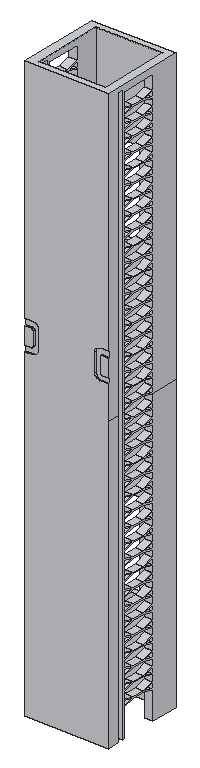
Revit family
Parameters
  Material ID = "760072934"
  Description = "Vertical Cable Management Kit, 12in X 96in (305mm X 2438mm) Single Sided, With Door, Silver\r\nVertical Cable Management Kit, 6in X 84in (152mm X 2134mm) Single Sided, With Door, Black\r\nVERTICAL CABLE MANAGEMENT KIT, 6IN X 84IN(152MM X 2134MM) SINGLE SIDED, WITH DOOR, BLACK"
Reference planes (in)
  plane 1 "Center (Front/Back)": y = 0
  plane 2: z = 0
  plane 3 "Center (Left/Right)": x = 0
Forms (in)
  Extrusion 1, void, not visible
    sketch origin (0, 0, 0) x (1, 0, 0) y (0, 0, 1)
      loop
        line (-7.85662, 0.48089) -> (-7.85662, -0.39002) -> (-7.67285, -0.39002) -> (-7.67285, -0.64002) -> (-7.0736, -0.64002) -> (-7.0736, -0.39002) -> (-6.92978, -0.39002) -> (-6.92978, 0.48089) -> (-7.85662, 0.48089)
    from -3.79215 to 12
  Extrusion 2, void, not visible
    sketch origin (0, 0, 0) x (1, 0, 0) y (0, 0, 1)
      loop
        line (-8.21397, 0.42583) -> (-8.21397, -0.07417) -> (-8.08657, -0.07417) -> (-8.08657, -0.27417) -> (-7.83657, -0.27417) -> (-7.83657, -0.07417) -> (-7.72497, -0.07417) -> (-7.72497, 0.42583) -> (-8.21397, 0.42583)
    from 0.74059 to 3.34334
  Extrusion 3, solid
    sketch origin (0, 0, 0) x (1, 0, 0) y (0, 0, 1)
      loop
        line (6, 42) -> (-6, 42) -> (-6, -42) -> (6, -42) -> (6, 0) -> (6, 42)
    from 11.281 to -0.669
  Extrusion 4, void
    sketch origin (0, 0, 0) x (1, 0, 0) y (0, 0, 1)
      loop
        line (-6, 9.00056) -> (-6, 8.06684) -> (-5.1, 8.06684)
        arc (-5.1, 8.06684) -> (-4.88787, 7.97898) -> (-4.8, 7.76684) r 0.3
        line (-4.8, 7.76684) -> (-4.8, 5.85056)
        arc (-4.8, 5.85056) -> (-4.88787, 5.63843) -> (-5.1, 5.55056) r 0.3
        line (-5.1, 5.55056) -> (-6, 5.55056) -> (-6, 4.75056) -> (-4.8, 4.75056)
        arc (-4.8, 4.75056) -> (-4.23431, 4.98488) -> (-4, 5.55056) r 0.8
        line (-4, 5.55056) -> (-4, 8.20056)
        arc (-4, 8.20056) -> (-4.23431, 8.76625) -> (-4.8, 9.00056) r 0.8
        line (-4.8, 9.00056) -> (-6, 9.00056)
      loop
        line (6, 9.00056) -> (4.8, 9.00056)
        arc (4.8, 9.00056) -> (4.23431, 8.76625) -> (4, 8.20056) r 0.8
        line (4, 8.20056) -> (4, 5.55056)
        arc (4, 5.55056) -> (4.23431, 4.98488) -> (4.8, 4.75056) r 0.8
        line (4.8, 4.75056) -> (6, 4.75056) -> (6, 5.55056) -> (5.1, 5.55056)
        arc (5.1, 5.55056) -> (4.88787, 5.63843) -> (4.8, 5.85056) r 0.3
        line (4.8, 5.85056) -> (4.8, 7.76684)
        arc (4.8, 7.76684) -> (4.88787, 7.97898) -> (5.1, 8.06684) r 0.3
        line (5.1, 8.06684) -> (6, 8.06684) -> (6, 9.00056)
    from 11.08569 to 11.281
  Extrusion 5, void
    sketch origin (0, 0, 0) x (1, 0, 0) y (0, 1, 0)
      loop
        line (4.88661, -0.1615) -> (-4.79017, -0.1615) -> (-4.79017, -10.4115) -> (4.88661, -10.4115) -> (4.88661, -0.1615)
    from -58.88014 to 54.97812
  Extrusion 6, void
    sketch origin (0, 0, 0) x (0, 1, 0) y (0, 0, 1)
      loop
        line (-3.37841, 39.06909) -> (-3.37841, 41.06909) -> (-8.50915, 41.06909) -> (-8.50915, 39.06909) -> (-6.81878, 38.61615) -> (-5.06878, 38.61615) -> (-3.37841, 39.06909)
      loop
        line (-3.37841, 38.06909) -> (-5.06878, 38.52202) -> (-6.81878, 38.52202) -> (-8.50915, 38.06909) -> (-8.50915, 37.81909) -> (-8.50915, 37.06909) -> (-6.81878, 36.61615) -> (-5.06878, 36.61615) -> (-3.37841, 37.06909) -> (-3.37841, 37.81909) -> (-3.37841, 38.06909)
      loop
        line (-3.37841, 39.00985) -> (-4.9864, 38.57899) -> (-3.37841, 38.14813) -> (-3.37841, 39.00985)
      loop
        line (-8.50915, 39.00985) -> (-8.50915, 38.14813) -> (-6.90115, 38.57899) -> (-8.50915, 39.00985)
      loop
        line (-3.37841, 36.06909) -> (-5.06878, 36.52202) -> (-6.81878, 36.52202) -> (-8.50915, 36.06909) -> (-8.50915, 35.06909) -> (-6.81878, 34.61615) -> (-5.06878, 34.61615) -> (-3.37841, 35.06909) -> (-3.37841, 36.06909)
      loop
        line (-3.37841, 37.00985) -> (-4.9864, 36.57899) -> (-3.37841, 36.14813) -> (-3.37841, 37.00985)
      loop
        line (-8.50915, 37.00985) -> (-8.50915, 36.14813) -> (-6.90115, 36.57899) -> (-8.50915, 37.00985)
      loop
        line (-3.37841, 34.06909) -> (-5.06878, 34.52202) -> (-6.81878, 34.52202) -> (-8.50915, 34.06909) -> (-8.50915, 33.06909) -> (-6.81878, 32.61615) -> (-5.06878, 32.61615) -> (-3.37841, 33.06909) -> (-3.37841, 34.06909)
      loop
        line (-3.37841, 35.00985) -> (-4.9864, 34.57899) -> (-3.37841, 34.14813) -> (-3.37841, 35.00985)
      loop
        line (-8.50915, 35.00985) -> (-8.50915, 34.14813) -> (-6.90115, 34.57899) -> (-8.50915, 35.00985)
      loop
        line (-3.37841, 32.06909) -> (-5.06878, 32.52202) -> (-6.81878, 32.52202) -> (-8.50915, 32.06909) -> (-8.50915, 31.06909) -> (-6.81878, 30.61615) -> (-5.06878, 30.61615) -> (-3.37841, 31.06909) -> (-3.37841, 32.06909)
      loop
        line (-3.37841, 33.00985) -> (-4.9864, 32.57899) -> (-3.37841, 32.14813) -> (-3.37841, 33.00985)
      loop
        line (-8.50915, 33.00985) -> (-8.50915, 32.14813) -> (-6.90115, 32.57899) -> (-8.50915, 33.00985)
      loop
        line (-3.37841, 30.06909) -> (-5.06878, 30.52202) -> (-6.81878, 30.52202) -> (-8.50915, 30.06909) -> (-8.50915, 29.06909) -> (-6.81878, 28.61615) -> (-5.06878, 28.61615) -> (-3.37841, 29.06909) -> (-3.37841, 30.06909)
      loop
        line (-3.37841, 31.00985) -> (-4.9864, 30.57899) -> (-3.37841, 30.14813) -> (-3.37841, 31.00985)
      loop
        line (-8.50915, 31.00985) -> (-8.50915, 30.14813) -> (-6.90115, 30.57899) -> (-8.50915, 31.00985)
      loop
        line (-3.37841, 28.06909) -> (-5.06878, 28.52202) -> (-6.81878, 28.52202) -> (-8.50915, 28.06909) -> (-8.50915, 27.06909) -> (-6.81878, 26.61615) -> (-5.06878, 26.61615) -> (-3.37841, 27.06909) -> (-3.37841, 28.06909)
      loop
        line (-3.37841, 29.00985) -> (-4.9864, 28.57899) -> (-3.37841, 28.14813) -> (-3.37841, 29.00985)
      loop
        line (-8.50915, 29.00985) -> (-8.50915, 28.14813) -> (-6.90115, 28.57899) -> (-8.50915, 29.00985)
      loop
        line (-3.37841, 26.06909) -> (-5.06878, 26.52202) -> (-6.81878, 26.52202) -> (-8.50915, 26.06909) -> (-8.50915, 25.06909) -> (-6.81878, 24.61615) -> (-5.06878, 24.61615) -> (-3.37841, 25.06909) -> (-3.37841, 26.06909)
      loop
        line (-3.37841, 27.00985) -> (-4.9864, 26.57899) -> (-3.37841, 26.14813) -> (-3.37841, 27.00985)
      loop
        line (-8.50915, 27.00985) -> (-8.50915, 26.14813) -> (-6.90115, 26.57899) -> (-8.50915, 27.00985)
      loop
        line (-3.37841, 24.06909) -> (-5.06878, 24.52202) -> (-6.81878, 24.52202) -> (-8.50915, 24.06909) -> (-8.50915, 23.06909) -> (-6.81878, 22.61615) -> (-5.06878, 22.61615) -> (-3.37841, 23.06909) -> (-3.37841, 24.06909)
      loop
        line (-3.37841, 25.00985) -> (-4.9864, 24.57899) -> (-3.37841, 24.14813) -> (-3.37841, 25.00985)
      loop
        line (-8.50915, 25.00985) -> (-8.50915, 24.14813) -> (-6.90115, 24.57899) -> (-8.50915, 25.00985)
      loop
        line (-3.37841, 22.06909) -> (-5.06878, 22.52202) -> (-6.81878, 22.52202) -> (-8.50915, 22.06909) -> (-8.50915, 21.06909) -> (-6.81878, 20.61615) -> (-5.06878, 20.61615) -> (-3.37841, 21.06909) -> (-3.37841, 22.06909)
      loop
        line (-3.37841, 23.00985) -> (-4.9864, 22.57899) -> (-3.37841, 22.14813) -> (-3.37841, 23.00985)
      loop
        line (-8.50915, 23.00985) -> (-8.50915, 22.14813) -> (-6.90115, 22.57899) -> (-8.50915, 23.00985)
      loop
        line (-3.37841, 20.06909) -> (-5.06878, 20.52202) -> (-6.81878, 20.52202) -> (-8.50915, 20.06909) -> (-8.50915, 19.06909) -> (-6.81878, 18.61615) -> (-5.06878, 18.61615) -> (-3.37841, 19.06909) -> (-3.37841, 20.06909)
      loop
        line (-3.37841, 21.00985) -> (-4.9864, 20.57899) -> (-3.37841, 20.14813) -> (-3.37841, 21.00985)
      loop
        line (-8.50915, 21.00985) -> (-8.50915, 20.14813) -> (-6.90115, 20.57899) -> (-8.50915, 21.00985)
      loop
        line (-3.37841, 18.06909) -> (-5.06878, 18.52202) -> (-6.81878, 18.52202) -> (-8.50915, 18.06909) -> (-8.50915, 17.06909) -> (-6.81878, 16.61615) -> (-5.06878, 16.61615) -> (-3.37841, 17.06909) -> (-3.37841, 18.06909)
      loop
        line (-3.37841, 19.00985) -> (-4.9864, 18.57899) -> (-3.37841, 18.14813) -> (-3.37841, 19.00985)
      loop
        line (-8.50915, 19.00985) -> (-8.50915, 18.14813) -> (-6.90115, 18.57899) -> (-8.50915, 19.00985)
      loop
        line (-3.37841, 16.06909) -> (-5.06878, 16.52202) -> (-6.81878, 16.52202) -> (-8.50915, 16.06909) -> (-8.50915, 15.06909) -> (-6.81878, 14.61615) -> (-5.06878, 14.61615) -> (-3.37841, 15.06909) -> (-3.37841, 16.06909)
      loop
        line (-3.37841, 17.00985) -> (-4.9864, 16.57899) -> (-3.37841, 16.14813) -> (-3.37841, 17.00985)
      loop
        line (-8.50915, 17.00985) -> (-8.50915, 16.14813) -> (-6.90115, 16.57899) -> (-8.50915, 17.00985)
      loop
        line (-3.37841, 14.06909) -> (-5.06878, 14.52202) -> (-6.81878, 14.52202) -> (-8.50915, 14.06909) -> (-8.50915, 13.06909) -> (-6.81878, 12.61615) -> (-5.06878, 12.61615) -> (-3.37841, 13.06909) -> (-3.37841, 14.06909)
      loop
        line (-3.37841, 15.00985) -> (-4.9864, 14.57899) -> (-3.37841, 14.14813) -> (-3.37841, 15.00985)
      loop
        line (-8.50915, 15.00985) -> (-8.50915, 14.14813) -> (-6.90115, 14.57899) -> (-8.50915, 15.00985)
      loop
        line (-3.37841, 12.06909) -> (-5.06878, 12.52202) -> (-6.81878, 12.52202) -> (-8.50915, 12.06909) -> (-8.50915, 11.06909) -> (-6.81878, 10.61615) -> (-5.06878, 10.61615) -> (-3.37841, 11.06909) -> (-3.37841, 12.06909)
      loop
        line (-3.37841, 13.00985) -> (-4.9864, 12.57899) -> (-3.37841, 12.14813) -> (-3.37841, 13.00985)
      loop
        line (-8.50915, 13.00985) -> (-8.50915, 12.14813) -> (-6.90115, 12.57899) -> (-8.50915, 13.00985)
      loop
        line (-3.37841, 10.06909) -> (-5.06878, 10.52202) -> (-6.81878, 10.52202) -> (-8.50915, 10.06909) -> (-8.50915, 9.06909) -> (-6.81878, 8.61615) -> (-5.06878, 8.61615) -> (-3.37841, 9.06909) -> (-3.37841, 10.06909)
      loop
        line (-3.37841, 11.00985) -> (-4.9864, 10.57899) -> (-3.37841, 10.14813) -> (-3.37841, 11.00985)
      loop
        line (-8.50915, 11.00985) -> (-8.50915, 10.14813) -> (-6.90115, 10.57899) -> (-8.50915, 11.00985)
      loop
        line (-3.37841, 8.06909) -> (-5.06878, 8.52202) -> (-6.81878, 8.52202) -> (-8.50915, 8.06909) -> (-8.50915, 7.06909) -> (-6.81878, 6.61615) -> (-5.06878, 6.61615) -> (-3.37841, 7.06909) -> (-3.37841, 8.06909)
      loop
        line (-3.37841, 9.00985) -> (-4.9864, 8.57899) -> (-3.37841, 8.14813) -> (-3.37841, 9.00985)
      loop
        line (-8.50915, 9.00985) -> (-8.50915, 8.14813) -> (-6.90115, 8.57899) -> (-8.50915, 9.00985)
      loop
        line (-3.37841, 6.06909) -> (-5.06878, 6.52202) -> (-6.81878, 6.52202) -> (-8.50915, 6.06909) -> (-8.50915, 5.06909) -> (-6.81878, 4.61615) -> (-5.06878, 4.61615) -> (-3.37841, 5.06909) -> (-3.37841, 6.06909)
      loop
        line (-3.37841, 7.00985) -> (-4.9864, 6.57899) -> (-3.37841, 6.14813) -> (-3.37841, 7.00985)
      loop
        line (-8.50915, 7.00985) -> (-8.50915, 6.14813) -> (-6.90115, 6.57899) -> (-8.50915, 7.00985)
      loop
        line (-3.37841, 4.06909) -> (-5.06878, 4.52202) -> (-6.81878, 4.52202) -> (-8.50915, 4.06909) -> (-8.50915, 3.06909) -> (-6.81878, 2.61615) -> (-5.06878, 2.61615) -> (-3.37841, 3.06909) -> (-3.37841, 4.06909)
      loop
        line (-3.37841, 5.00985) -> (-4.9864, 4.57899) -> (-3.37841, 4.14813) -> (-3.37841, 5.00985)
      loop
        line (-8.50915, 5.00985) -> (-8.50915, 4.14813) -> (-6.90115, 4.57899) -> (-8.50915, 5.00985)
      loop
        line (-3.37841, 2.06909) -> (-5.06878, 2.52202) -> (-6.81878, 2.52202) -> (-8.50915, 2.06909) -> (-8.50915, 1.06909) -> (-6.81878, 0.61615) -> (-5.06878, 0.61615) -> (-3.37841, 1.06909) -> (-3.37841, 2.06909)
      loop
        line (-3.37841, 3.00985) -> (-4.9864, 2.57899) -> (-3.37841, 2.14813) -> (-3.37841, 3.00985)
      loop
        line (-8.50915, 3.00985) -> (-8.50915, 2.14813) -> (-6.90115, 2.57899) -> (-8.50915, 3.00985)
      loop
        line (-3.37841, 0.06909) -> (-5.06878, 0.52202) -> (-6.81878, 0.52202) -> (-8.50915, 0.06909) -> (-8.50915, -0.93091) -> (-6.81878, -1.38385) -> (-5.06878, -1.38385) -> (-3.37841, -0.93091) -> (-3.37841, 0.06909)
      loop
        line (-3.37841, 1.00985) -> (-4.9864, 0.57899) -> (-3.37841, 0.14813) -> (-3.37841, 1.00985)
      loop
        line (-8.50915, 1.00985) -> (-8.50915, 0.14813) -> (-6.90115, 0.57899) -> (-8.50915, 1.00985)
      loop
        line (-3.37841, -1.93091) -> (-5.06878, -1.47798) -> (-6.81878, -1.47798) -> (-8.50915, -1.93091) -> (-8.50915, -2.93091) -> (-6.81878, -3.38385) -> (-5.06878, -3.38385) -> (-3.37841, -2.93091) -> (-3.37841, -1.93091)
      loop
        line (-3.37841, -0.99015) -> (-4.9864, -1.42101) -> (-3.37841, -1.85187) -> (-3.37841, -0.99015)
      loop
        line (-8.50915, -0.99015) -> (-8.50915, -1.85187) -> (-6.90115, -1.42101) -> (-8.50915, -0.99015)
      loop
        line (-3.37841, -3.93091) -> (-5.06878, -3.47798) -> (-6.81878, -3.47798) -> (-8.50915, -3.93091) -> (-8.50915, -4.93091) -> (-6.81878, -5.38385) -> (-5.06878, -5.38385) -> (-3.37841, -4.93091) -> (-3.37841, -3.93091)
      loop
        line (-3.37841, -2.99015) -> (-4.9864, -3.42101) -> (-3.37841, -3.85187) -> (-3.37841, -2.99015)
      loop
        line (-8.50915, -2.99015) -> (-8.50915, -3.85187) -> (-6.90115, -3.42101) -> (-8.50915, -2.99015)
      loop
        line (-3.37841, -5.93091) -> (-5.06878, -5.47798) -> (-6.81878, -5.47798) -> (-8.50915, -5.93091) -> (-8.50915, -6.93091) -> (-6.81878, -7.38385) -> (-5.06878, -7.38385) -> (-3.37841, -6.93091) -> (-3.37841, -5.93091)
      loop
        line (-3.37841, -4.99015) -> (-4.9864, -5.42101) -> (-3.37841, -5.85187) -> (-3.37841, -4.99015)
      loop
        line (-8.50915, -4.99015) -> (-8.50915, -5.85187) -> (-6.90115, -5.42101) -> (-8.50915, -4.99015)
      loop
        line (-3.37841, -7.93091) -> (-5.06878, -7.47798) -> (-6.81878, -7.47798) -> (-8.50915, -7.93091) -> (-8.50915, -8.93091) -> (-6.81878, -9.38385) -> (-5.06878, -9.38385) -> (-3.37841, -8.93091) -> (-3.37841, -7.93091)
      loop
        line (-3.37841, -6.99015) -> (-4.9864, -7.42101) -> (-3.37841, -7.85187) -> (-3.37841, -6.99015)
      loop
        line (-8.50915, -6.99015) -> (-8.50915, -7.85187) -> (-6.90115, -7.42101) -> (-8.50915, -6.99015)
      loop
        line (-3.37841, -9.93091) -> (-5.06878, -9.47798) -> (-6.81878, -9.47798) -> (-8.50915, -9.93091) -> (-8.50915, -10.93091) -> (-6.81878, -11.38385) -> (-5.06878, -11.38385) -> (-3.37841, -10.93091) -> (-3.37841, -9.93091)
      loop
        line (-3.37841, -8.99015) -> (-4.9864, -9.42101) -> (-3.37841, -9.85187) -> (-3.37841, -8.99015)
      loop
        line (-8.50915, -8.99015) -> (-8.50915, -9.85187) -> (-6.90115, -9.42101) -> (-8.50915, -8.99015)
      loop
        line (-3.37841, -11.93091) -> (-5.06878, -11.47798) -> (-6.81878, -11.47798) -> (-8.50915, -11.93091) -> (-8.50915, -12.93091) -> (-6.81878, -13.38385) -> (-5.06878, -13.38385) -> (-3.37841, -12.93091) -> (-3.37841, -11.93091)
      loop
        line (-3.37841, -10.99015) -> (-4.9864, -11.42101) -> (-3.37841, -11.85187) -> (-3.37841, -10.99015)
      loop
        line (-8.50915, -10.99015) -> (-8.50915, -11.85187) -> (-6.90115, -11.42101) -> (-8.50915, -10.99015)
      loop
        line (-3.37841, -13.93091) -> (-5.06878, -13.47798) -> (-6.81878, -13.47798) -> (-8.50915, -13.93091) -> (-8.50915, -14.93091) -> (-6.81878, -15.38385) -> (-5.06878, -15.38385) -> (-3.37841, -14.93091) -> (-3.37841, -13.93091)
      loop
        line (-3.37841, -12.99015) -> (-4.9864, -13.42101) -> (-3.37841, -13.85187) -> (-3.37841, -12.99015)
      loop
        line (-8.50915, -12.99015) -> (-8.50915, -13.85187) -> (-6.90115, -13.42101) -> (-8.50915, -12.99015)
      loop
        line (-3.37841, -15.93091) -> (-5.06878, -15.47798) -> (-6.81878, -15.47798) -> (-8.50915, -15.93091) -> (-8.50915, -16.93091) -> (-6.81878, -17.38385) -> (-5.06878, -17.38385) -> (-3.37841, -16.93091) -> (-3.37841, -15.93091)
      loop
        line (-3.37841, -14.99015) -> (-4.9864, -15.42101) -> (-3.37841, -15.85187) -> (-3.37841, -14.99015)
      loop
        line (-8.50915, -14.99015) -> (-8.50915, -15.85187) -> (-6.90115, -15.42101) -> (-8.50915, -14.99015)
      loop
        line (-3.37841, -17.93091) -> (-5.06878, -17.47798) -> (-6.81878, -17.47798) -> (-8.50915, -17.93091) -> (-8.50915, -18.93091) -> (-6.81878, -19.38385) -> (-5.06878, -19.38385) -> (-3.37841, -18.93091) -> (-3.37841, -17.93091)
      loop
        line (-3.37841, -16.99015) -> (-4.9864, -17.42101) -> (-3.37841, -17.85187) -> (-3.37841, -16.99015)
      loop
        line (-8.50915, -16.99015) -> (-8.50915, -17.85187) -> (-6.90115, -17.42101) -> (-8.50915, -16.99015)
      loop
        line (-3.37841, -19.93091) -> (-5.06878, -19.47798) -> (-6.81878, -19.47798) -> (-8.50915, -19.93091) -> (-8.50915, -20.93091) -> (-6.81878, -21.38385) -> (-5.06878, -21.38385) -> (-3.37841, -20.93091) -> (-3.37841, -19.93091)
      loop
        line (-3.37841, -18.99015) -> (-4.9864, -19.42101) -> (-3.37841, -19.85187) -> (-3.37841, -18.99015)
      loop
        line (-8.50915, -18.99015) -> (-8.50915, -19.85187) -> (-6.90115, -19.42101) -> (-8.50915, -18.99015)
      loop
        line (-3.37841, -21.93091) -> (-5.06878, -21.47798) -> (-6.81878, -21.47798) -> (-8.50915, -21.93091) -> (-8.50915, -22.93091) -> (-6.81878, -23.38385) -> (-5.06878, -23.38385) -> (-3.37841, -22.93091) -> (-3.37841, -21.93091)
      loop
        line (-3.37841, -20.99015) -> (-4.9864, -21.42101) -> (-3.37841, -21.85187) -> (-3.37841, -20.99015)
      loop
        line (-8.50915, -20.99015) -> (-8.50915, -21.85187) -> (-6.90115, -21.42101) -> (-8.50915, -20.99015)
      loop
        line (-3.37841, -23.93091) -> (-5.06878, -23.47798) -> (-6.81878, -23.47798) -> (-8.50915, -23.93091) -> (-8.50915, -24.93091) -> (-6.81878, -25.38385) -> (-5.06878, -25.38385) -> (-3.37841, -24.93091) -> (-3.37841, -23.93091)
      loop
        line (-3.37841, -22.99015) -> (-4.9864, -23.42101) -> (-3.37841, -23.85187) -> (-3.37841, -22.99015)
      loop
        line (-8.50915, -22.99015) -> (-8.50915, -23.85187) -> (-6.90115, -23.42101) -> (-8.50915, -22.99015)
      loop
        line (-3.37841, -25.93091) -> (-5.06878, -25.47798) -> (-6.81878, -25.47798) -> (-8.50915, -25.93091) -> (-8.50915, -26.93091) -> (-6.81878, -27.38385) -> (-5.06878, -27.38385) -> (-3.37841, -26.93091) -> (-3.37841, -25.93091)
      loop
        line (-3.37841, -24.99015) -> (-4.9864, -25.42101) -> (-3.37841, -25.85187) -> (-3.37841, -24.99015)
      loop
        line (-8.50915, -24.99015) -> (-8.50915, -25.85187) -> (-6.90115, -25.42101) -> (-8.50915, -24.99015)
      loop
        line (-3.37841, -27.93091) -> (-5.06878, -27.47798) -> (-6.81878, -27.47798) -> (-8.50915, -27.93091) -> (-8.50915, -28.93091) -> (-6.81878, -29.38385) -> (-5.06878, -29.38385) -> (-3.37841, -28.93091) -> (-3.37841, -27.93091)
      loop
        line (-3.37841, -26.99015) -> (-4.9864, -27.42101) -> (-3.37841, -27.85187) -> (-3.37841, -26.99015)
      loop
        line (-8.50915, -26.99015) -> (-8.50915, -27.85187) -> (-6.90115, -27.42101) -> (-8.50915, -26.99015)
      loop
        line (-3.37841, -29.93091) -> (-5.06878, -29.47798) -> (-6.81878, -29.47798) -> (-8.50915, -29.93091) -> (-8.50915, -30.93091) -> (-6.81878, -31.38385) -> (-5.06878, -31.38385) -> (-3.37841, -30.93091) -> (-3.37841, -29.93091)
      loop
        line (-3.37841, -28.99015) -> (-4.9864, -29.42101) -> (-3.37841, -29.85187) -> (-3.37841, -28.99015)
      loop
        line (-8.50915, -28.99015) -> (-8.50915, -29.85187) -> (-6.90115, -29.42101) -> (-8.50915, -28.99015)
      loop
        line (-3.37841, -31.93091) -> (-5.06878, -31.47798) -> (-6.81878, -31.47798) -> (-8.50915, -31.93091) -> (-8.50915, -32.93091) -> (-6.81878, -33.38385) -> (-5.06878, -33.38385) -> (-3.37841, -32.93091) -> (-3.37841, -31.93091)
      loop
        line (-3.37841, -30.99015) -> (-4.9864, -31.42101) -> (-3.37841, -31.85187) -> (-3.37841, -30.99015)
      loop
        line (-8.50915, -30.99015) -> (-8.50915, -31.85187) -> (-6.90115, -31.42101) -> (-8.50915, -30.99015)
      loop
        line (-3.37841, -33.93091) -> (-5.06878, -33.47798) -> (-6.81878, -33.47798) -> (-8.50915, -33.93091) -> (-8.50915, -34.93091) -> (-6.81878, -35.38385) -> (-5.06878, -35.38385) -> (-3.37841, -34.93091) -> (-3.37841, -33.93091)
      loop
        line (-3.37841, -32.99015) -> (-4.9864, -33.42101) -> (-3.37841, -33.85187) -> (-3.37841, -32.99015)
      loop
        line (-8.50915, -32.99015) -> (-8.50915, -33.85187) -> (-6.90115, -33.42101) -> (-8.50915, -32.99015)
      loop
        line (-3.37841, -35.93091) -> (-5.06878, -35.47798) -> (-6.81878, -35.47798) -> (-8.50915, -35.93091) -> (-8.50915, -36.93091) -> (-6.81878, -37.38385) -> (-5.06878, -37.38385) -> (-3.37841, -36.93091) -> (-3.37841, -35.93091)
      loop
        line (-3.37841, -34.99015) -> (-4.9864, -35.42101) -> (-3.37841, -35.85187) -> (-3.37841, -34.99015)
      loop
        line (-8.50915, -34.99015) -> (-8.50915, -35.85187) -> (-6.90115, -35.42101) -> (-8.50915, -34.99015)
      loop
        line (-3.37841, -37.93091) -> (-5.06878, -37.47798) -> (-6.81878, -37.47798) -> (-8.50915, -37.93091) -> (-8.50915, -42) -> (-3.37841, -42) -> (-3.37841, -37.93091)
      loop
        line (-3.37841, -36.99015) -> (-4.9864, -37.42101) -> (-3.37841, -37.85187) -> (-3.37841, -36.99015)
      loop
        line (-8.50915, -36.99015) -> (-8.50915, -37.85187) -> (-6.90115, -37.42101) -> (-8.50915, -36.99015)
    from -16.16264 to 12
  Extrusion 7, void
    sketch origin (0, 0, 0) x (0, 1, 0) y (0, 0, 1)
      loop
        line (-9.74802, 41.47806) -> (-9.74802, -42) -> (-8.75915, -42) -> (-8.75915, 41.47806) -> (-9.74802, 41.47806)
    from -16.48531 to 12
  Extrusion 8, void
    sketch origin (0, 0, 0) x (1, 0, 0) y (0, 0, 1)
      loop
        line (1.49935, 28.88043) -> (-1.75065, 28.88043) -> (-1.75065, 16.13043) -> (1.49935, 16.13043) -> (1.49935, 28.88043)
      loop
        line (1.49935, -28.88043) -> (1.49935, -16.13043) -> (-1.75065, -16.13043) -> (-1.75065, -28.88043) -> (1.49935, -28.88043)
    from -9.86946 to 1.00595
Cuts and joins
  Extrusion 4, Extrusion 5, Extrusion 6, Extrusion 7, Extrusion 8 cuts Extrusion 3
